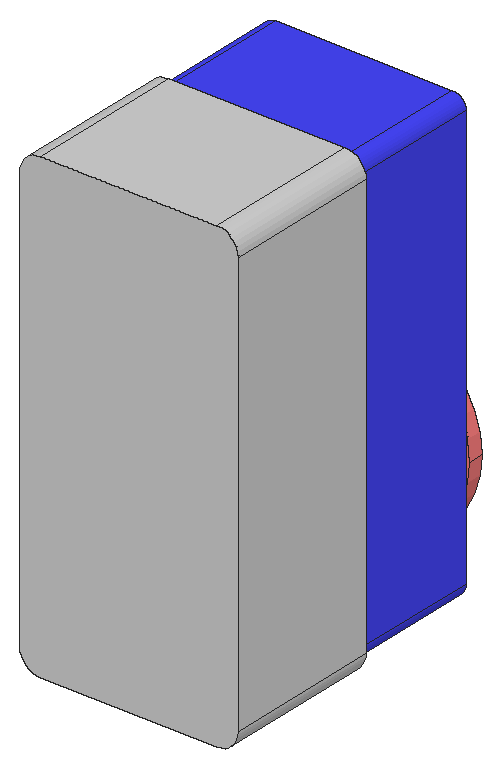
Revit family "Building-IEC309Connections-GEWISS-67IB-INTERLOCKED-SOCKET-OUTLETS_IP67_WITH_BOTTOM_FUS", category Apparecchi elettrici, host Muro, Revit 2016 (continued)
Types (23, lengths in mm): name | Weight (kg) | Weight | Tipo Simbolo | Technical sheet | Reference h | Rated voltage: | Rated voltage | Rated current (In) | Rated current (A) | Presa | Potenza | Numero poli | Number of poles | No. of poles | Modello | Immagine tipo | IDT | IB socket outlet rated current (In) | EAN code | Descrizione | Colour: | Colour
  GW66227N - 16A 3P+E 230V V.INT.SOCK.O.W.B.9H CBF | "Max. 1.0 Kg" | "Max. 1.0 Kg" | PRESAINDPFUS : 3P | "https://www.gewiss.com/ww/en/search?q=GW66227N" | "9" | "200 - 250 V" | "200 - 250 V" | "16" | "16" | GEWISS -BLU | 230 V | 3 | "3P+E" | "3P+E" | "GW66227N" | GW66227N.jpg | "52961728-1365-4bcc-bc75-4a28eb228f0f" | "16A" | "8011564741379" | "16A 3P+E 230V V.INT.SOCK.O.W.B.9H CBF" | "Blue" | "Blue"
  GW66228N - 16A 3P+N+E 230V V.INT.SOCK.O.W.B.9H CBF | "Max. 1.0 Kg" | "Max. 1.0 Kg" | PRESAINDPFUS : 3P | "https://www.gewiss.com/ww/en/search?q=GW66228N" | "9" | "200 - 250 V" | "200 - 250 V" | "16" | "16" | GEWISS -BLU | 230 V | 3 | "3P+N+E" | "3P+N+E" | "GW66228N" | GW66227N.jpg | "ac9b5afc-50ac-427e-bce5-7a54d7f5dc44" | "16A" | "8011564741386" | "16A 3P+N+E 230V V.INT.SOCK.O.W.B.9H CBF" | "Blue" | "Blue"
  GW66229N - 16A 2P+E 400V V.INT.SOCK.O.W.B.9H CBF | "Max. 1.0 Kg" | "Max. 1.0 Kg" | PRESAINDPFUS : 2P | "https://www.gewiss.com/ww/en/search?q=GW66229N" | "9" | "380 - 415 V" | "380 - 415 V" | "16" | "16" | GW - ROSSO | 400 V | 2 | "2P+E" | "2P+E" | "GW66229N" | GW66230N.jpg | "9c62276f-1e71-4292-be15-fc32e9fcd854" | "16A" | "8011564741393" | "16A 2P+E 400V V.INT.SOCK.O.W.B.9H CBF" | "Red" | "Red"
  GW66230N - 16A 3P+E 400V V.INT.SOCK.O.W.B.6H CBF | "Max. 1.0 Kg" | "Max. 1.0 Kg" | PRESAINDPFUS : 3P | "https://www.gewiss.com/ww/en/search?q=GW66230N" | "6" | "380 - 415 V" | "380 - 415 V" | "16" | "16" | GW - ROSSO | 400 V | 3 | "3P+E" | "3P+E" | "GW66230N" | GW66230N.jpg | "0ff9f2ea-39b8-42c3-a8e8-22c46614b70e" | "16A" | "8011564741409" | "16A 3P+E 400V V.INT.SOCK.O.W.B.6H CBF" | "Red" | "Red"
  GW66231N - 16A 3P+N+E 400V V.INT.SOCK.O.W.B.6H CBF | "Max. 1.0 Kg" | "Max. 1.0 Kg" | PRESAINDPFUS : 3P | "https://www.gewiss.com/ww/en/search?q=GW66231N" | "6" | "380 - 415 V" | "380 - 415 V" | "16" | "16" | GW - ROSSO | 400 V | 3 | "3P+N+E" | "3P+N+E" | "GW66231N" | GW66230N.jpg | "150c8f31-35c1-4f26-9038-fd5d716b04a4" | "16A" | "8011564742543" | "16A 3P+N+E 400V V.INT.SOCK.O.W.B.6H CBF" | "Red" | "Red"
  GW66232N - 16A 3P+E 500V V.INT.SOCK.O.W.B.7H CBF | "Max. 1.0 Kg" | "Max. 1.0 Kg" | PRESAINDPFUS : 3P | "https://www.gewiss.com/ww/en/search?q=GW66232N" | "7" | "480 - 500 V" | "480 - 500 V" | "16" | "16" | GEWISS - NERO | 500 V | 3 | "3P+E" | "3P+E" | "GW66232N" | GW66222N.jpg | "7a81db9b-2ce7-4dae-922b-794821e35afb" | "16A" | "8011564741416" | "16A 3P+E 500V V.INT.SOCK.O.W.B.7H CBF" | "Black" | "Black"
  GW66233N - 16A 3P+N+E 500V V.INT.SOCK.O.W.B.7H CBF | "Max. 1.0 Kg" | "Max. 1.0 Kg" | PRESAINDPFUS : 3P | "https://www.gewiss.com/ww/en/search?q=GW66233N" | "7" | "480 - 500 V" | "480 - 500 V" | "16" | "16" | GEWISS - NERO | 500 V | 3 | "3P+N+E" | "3P+N+E" | "GW66233N" | GW66222N.jpg | "0c4c7745-404c-4ff8-88f7-8631fd7168d2" | "16A" | "8011564741423" | "16A 3P+N+E 500V V.INT.SOCK.O.W.B.7H CBF" | "Black" | "Black"
  GW66234N - 32A 2P+E 110V V.INT.SOCK.O.W.B.4H CBF | "Max. 1.1 Kg" | "Max. 1.1 Kg" | PRESAINDPFUS : 2P | "https://www.gewiss.com/ww/en/search?q=GW66234N" | "4" | "100 - 130 V" | "100 - 130 V" | "32" | "32" | GEWISS - GIALLO | 110 V | 2 | "2P+E" | "2P+E" | "GW66234N" | GW66224N.jpg | "a99f150c-cc79-4c38-9ac9-617582887cf3" | "32A" | "8011564741430" | "32A 2P+E 110V V.INT.SOCK.O.W.B.4H CBF" | "Yellow" | "Yellow"
  GW66235N - 32A 3P+E 110V V.INT.SOCK.O.W.B.4H CBF | "Max. 1.1 Kg" | "Max. 1.1 Kg" | PRESAINDPFUS : 3P | "https://www.gewiss.com/ww/en/search?q=GW66235N" | "4" | "100 - 130 V" | "100 - 130 V" | "32" | "32" | GEWISS - GIALLO | 110 V | 3 | "3P+E" | "3P+E" | "GW66235N" | GW66224N.jpg | "3a26cec9-b531-4f44-a95a-444ca4e9b113" | "28A" | "8011564741447" | "32A 3P+E 110V V.INT.SOCK.O.W.B.4H CBF" | "Yellow" | "Yellow"
  GW66236N - 32A 3P+N+E 110V V.INT.SOCK.O.W.B.4H CBF | "Max. 1.1 Kg" | "Max. 1.1 Kg" | PRESAINDPFUS : 3P | "https://www.gewiss.com/ww/en/search?q=GW66236N" | "4" | "100 - 130 V" | "100 - 130 V" | "32" | "32" | GEWISS - GIALLO | 110 V | 3 | "3P+N+E" | "3P+N+E" | "GW66236N" | GW66224N.jpg | "69dcfa51-02d3-46f6-bbba-2f44a5752abe" | "28A" | "8011564741454" | "32A 3P+N+E 110V V.INT.SOCK.O.W.B.4H CBF" | "Yellow" | "Yellow"
  GW66237N - 32A 2P+E 230V V.INT.SOCK.O.W.B.6H CBF | "Max. 1.1 Kg" | "Max. 1.1 Kg" | PRESAINDPFUS : 2P | "https://www.gewiss.com/ww/en/search?q=GW66237N" | "6" | "200 - 250 V" | "200 - 250 V" | "32" | "32" | GEWISS -BLU | 230 V | 2 | "2P+E" | "2P+E" | "GW66237N" | GW66227N.jpg | "24dfdfda-2efd-477f-97f3-f8cbd7e435df" | "32A" | "8011564742550" | "32A 2P+E 230V V.INT.SOCK.O.W.B.6H CBF" | "Blue" | "Blue"
  GW66238N - 32A 3P+E 230V V.INT.SOCK.O.W.B.9H CBF | "Max. 1.1 Kg" | "Max. 1.1 Kg" | PRESAINDPFUS : 3P | "https://www.gewiss.com/ww/en/search?q=GW66238N" | "9" | "200 - 250 V" | "200 - 250 V" | "32" | "32" | GEWISS -BLU | 230 V | 3 | "3P+E" | "3P+E" | "GW66238N" | GW66227N.jpg | "f90cc02e-777a-41ae-b548-d4c8d901f4bd" | "28A" | "8011564741461" | "32A 3P+E 230V V.INT.SOCK.O.W.B.9H CBF" | "Blue" | "Blue"
  GW66239N - 32A 3P+N+E 230V V.INT.SOCK.O.W.B.9H CBF | "Max. 1.1 Kg" | "Max. 1.1 Kg" | PRESAINDPFUS : 3P | "https://www.gewiss.com/ww/en/search?q=GW66239N" | "9" | "200 - 250 V" | "200 - 250 V" | "32" | "32" | GEWISS -BLU | 230 V | 3 | "3P+N+E" | "3P+N+E" | "GW66239N" | GW66227N.jpg | "82be392f-ab5c-42ac-9702-8243f18e5e05" | "28A" | "8011564741478" | "32A 3P+N+E 230V V.INT.SOCK.O.W.B.9H CBF" | "Blue" | "Blue"
  GW66240N - 32A 2P+E 400V V.INT.SOCK.O.W.B.9H CBF | "Max. 1.1 Kg" | "Max. 1.1 Kg" | PRESAINDPFUS : 2P | "https://www.gewiss.com/ww/en/search?q=GW66240N" | "9" | "380 - 415 V" | "380 - 415 V" | "32" | "32" | GW - ROSSO | 400 V | 2 | "2P+E" | "2P+E" | "GW66240N" | GW66230N.jpg | "70891f68-9d11-4e15-9055-6e459ec33866" | "32A" | "8011564741485" | "32A 2P+E 400V V.INT.SOCK.O.W.B.9H CBF" | "Red" | "Red"
  GW66241N - 32A 3P+E 400V V.INT.SOCK.O.W.B.6H CBF | "Max. 1.1 Kg" | "Max. 1.1 Kg" | PRESAINDPFUS : 3P | "https://www.gewiss.com/ww/en/search?q=GW66241N" | "6" | "380 - 415 V" | "380 - 415 V" | "32" | "32" | GW - ROSSO | 400 V | 3 | "3P+E" | "3P+E" | "GW66241N" | GW66230N.jpg | "95c862d1-6ea5-46a8-95f4-fd8421981ece" | "28A" | "8011564741492" | "32A 3P+E 400V V.INT.SOCK.O.W.B.6H CBF" | "Red" | "Red"
  GW66242N - 32A 3P+N+E 400V V.INT.SOCK.O.W.B.6H CBF | "Max. 1.1 Kg" | "Max. 1.1 Kg" | PRESAINDPFUS : 3P | "https://www.gewiss.com/ww/en/search?q=GW66242N" | "6" | "380 - 415 V" | "380 - 415 V" | "32" | "32" | GW - ROSSO | 400 V | 3 | "3P+N+E" | "3P+N+E" | "GW66242N" | GW66230N.jpg | "f6a8ac16-9c06-4f19-b1c4-9672fdc5f555" | "28A" | "8011564742567" | "32A 3P+N+E 400V V.INT.SOCK.O.W.B.6H CBF" | "Red" | "Red"
  GW66243N - 32A 3P+E 500V V.INT.SOCK.O.W.B.7H CBF | "Max. 1.1 Kg" | "Max. 1.1 Kg" | PRESAINDPFUS : 3P | "https://www.gewiss.com/ww/en/search?q=GW66243N" | "7" | "480 - 500 V" | "480 - 500 V" | "32" | "32" | GEWISS - NERO | 500 V | 3 | "3P+E" | "3P+E" | "GW66243N" | GW66222N.jpg | "f6ce0a0c-3cde-4b8c-ad31-0f382c507b8d" | "28A" | "8011564741508" | "32A 3P+E 500V V.INT.SOCK.O.W.B.7H CBF" | "Black" | "Black"
  GW66244N - 32A 3P+N+E 500V V.INT.SOCK.O.W.B.7H CBF | "Max. 1.1 Kg" | "Max. 1.1 Kg" | PRESAINDPFUS : 3P | "https://www.gewiss.com/ww/en/search?q=GW66244N" | "7" | "480 - 500 V" | "480 - 500 V" | "32" | "32" | GEWISS - NERO | 500 V | 3 | "3P+N+E" | "3P+N+E" | "GW66244N" | GW66222N.jpg | "375c8392-af65-45a1-933e-8de0f1dcd445" | "28A" | "8011564741515" | "32A 3P+N+E 500V V.INT.SOCK.O.W.B.7H CBF" | "Black" | "Black"
  GW66258N - 32A 3P+E 380V V.INT.SOCK.O.W.B.3H CBF | "Max. 1.1 Kg" | "Max. 1.1 Kg" | PRESAINDPFUS : 3P | "https://www.gewiss.com/ww/en/search?q=GW66258N" | "3" | "380 - 440 V" | "380 - 440 V" | "32" | "32" | GW - ROSSO | 400 V | 3 | "3P+E" | "3P+E" | "GW66258N" | GW66230N.jpg | "3a2f285e-e7b7-489c-a67e-4c14f132aefb" | "28A" | "8011564741539" | "32A 3P+E 380V V.INT.SOCK.O.W.B.3H CBF" | "Red" | "Red"
